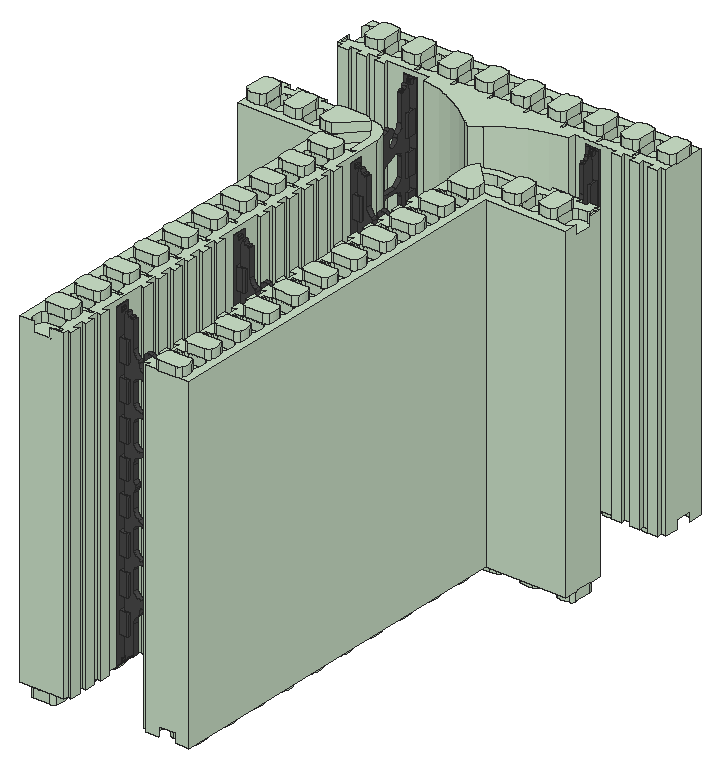
Revit family (continued)
Forms (mm)
  Extrusion 53, void
    sketch origin (533.87, 0.92, 0) x (0, -1, 0) y (1, 0, 0)
      loop
        arc (-92.457, -653.946) -> (-93.668, -653.385) -> (-94.024, -652.1) r 1.588
        arc (-94.024, -652.1) -> (-93.737, -645.691) -> (-94.972, -639.396) r 26.988
        arc (-94.972, -639.396) -> (-97.278, -636.215) -> (-101.014, -635) r 6.35
        line (-101.014, -635) -> (-124.411, -635)
        arc (-124.411, -635) -> (-128.147, -636.215) -> (-130.453, -639.396) r 6.35
    from 457.2 to 444.5
  Extrusion 54, void
    sketch origin (584.67, 0.92, 0) x (0, -1, 0) y (1, 0, 0)
      loop
        arc (-130.453, -639.396) -> (-131.763, -647.7) -> (-130.453, -656.003) r 26.987
        arc (-130.453, -656.003) -> (-128.147, -659.184) -> (-124.411, -660.4) r 6.35
        line (-124.411, -660.4) -> (-101.014, -660.4)
        arc (-101.014, -660.4) -> (-98.696, -659.961) -> (-96.698, -658.708) r 6.35
        arc (-96.698, -658.708) -> (-96.199, -658.394) -> (-95.62, -658.285) r 1.588
        line (-95.62, -658.285) -> (-86.829, -658.285) -> (-86.829, -653.946) -> (-92.457, -653.946)
        arc (-92.457, -653.946) -> (-93.668, -653.385) -> (-94.024, -652.1) r 1.588
        arc (-94.024, -652.1) -> (-93.737, -645.691) -> (-94.972, -639.396) r 26.988
        arc (-94.972, -639.396) -> (-97.278, -636.215) -> (-101.014, -635) r 6.35
        line (-101.014, -635) -> (-124.411, -635)
        arc (-124.411, -635) -> (-128.147, -636.215) -> (-130.453, -639.396) r 6.35
    from 457.2 to 444.5
  Extrusion 55, void
    sketch origin (635.47, 0.92, 0) x (0, -1, 0) y (1, 0, 0)
      loop
        arc (-130.453, -639.396) -> (-131.763, -647.7) -> (-130.453, -656.003) r 26.987
        arc (-130.453, -656.003) -> (-128.147, -659.184) -> (-124.411, -660.4) r 6.35
        line (-124.411, -660.4) -> (-101.014, -660.4)
        arc (-101.014, -660.4) -> (-98.696, -659.961) -> (-96.698, -658.708) r 6.35
        arc (-96.698, -658.708) -> (-96.199, -658.394) -> (-95.62, -658.285) r 1.588
        line (-95.62, -658.285) -> (-86.829, -658.285) -> (-86.829, -653.946) -> (-92.457, -653.946)
        arc (-92.457, -653.946) -> (-93.668, -653.385) -> (-94.024, -652.1) r 1.588
        arc (-94.024, -652.1) -> (-93.737, -645.691) -> (-94.972, -639.396) r 26.988
        arc (-94.972, -639.396) -> (-97.278, -636.215) -> (-101.014, -635) r 6.35
        line (-101.014, -635) -> (-124.411, -635)
        arc (-124.411, -635) -> (-128.147, -636.215) -> (-130.453, -639.396) r 6.35
    from 457.2 to 444.5
  Extrusion 56, void
    sketch origin (686.27, 0.92, 0) x (0, -1, 0) y (1, 0, 0)
      loop
        arc (-130.453, -639.396) -> (-131.763, -647.7) -> (-130.453, -656.003) r 26.987
        arc (-130.453, -656.003) -> (-128.147, -659.184) -> (-124.411, -660.4) r 6.35
        line (-124.411, -660.4) -> (-101.014, -660.4)
        arc (-101.014, -660.4) -> (-98.696, -659.961) -> (-96.698, -658.708) r 6.35
        arc (-96.698, -658.708) -> (-96.199, -658.394) -> (-95.62, -658.285) r 1.588
        line (-95.62, -658.285) -> (-86.829, -658.285) -> (-86.829, -653.946) -> (-92.457, -653.946)
        arc (-92.457, -653.946) -> (-93.668, -653.385) -> (-94.024, -652.1) r 1.588
        arc (-94.024, -652.1) -> (-93.737, -645.691) -> (-94.972, -639.396) r 26.988
        arc (-94.972, -639.396) -> (-97.278, -636.215) -> (-101.014, -635) r 6.35
        line (-101.014, -635) -> (-124.411, -635)
        arc (-124.411, -635) -> (-128.147, -636.215) -> (-130.453, -639.396) r 6.35
    from 457.2 to 444.5
  Extrusion 57, void
    sketch origin (737.07, 0.92, 0) x (0, -1, 0) y (1, 0, 0)
      loop
        arc (-130.453, -639.396) -> (-131.763, -647.7) -> (-130.453, -656.003) r 26.987
        arc (-130.453, -656.003) -> (-128.147, -659.184) -> (-124.411, -660.4) r 6.35
        line (-124.411, -660.4) -> (-101.014, -660.4)
        arc (-101.014, -660.4) -> (-98.696, -659.961) -> (-96.698, -658.708) r 6.35
        arc (-96.698, -658.708) -> (-96.199, -658.394) -> (-95.62, -658.285) r 1.588
        line (-95.62, -658.285) -> (-86.829, -658.285) -> (-86.829, -653.946) -> (-92.457, -653.946)
        arc (-92.457, -653.946) -> (-93.668, -653.385) -> (-94.024, -652.1) r 1.588
        arc (-94.024, -652.1) -> (-93.737, -645.691) -> (-94.972, -639.396) r 26.988
        arc (-94.972, -639.396) -> (-97.278, -636.215) -> (-101.014, -635) r 6.35
        line (-101.014, -635) -> (-124.411, -635)
        arc (-124.411, -635) -> (-128.147, -636.215) -> (-130.453, -639.396) r 6.35
    from 457.2 to 444.5
  Extrusion 58, void
    sketch origin (787.87, 0.92, 0) x (0, -1, 0) y (1, 0, 0)
      loop
        arc (-130.453, -639.396) -> (-131.763, -647.7) -> (-130.453, -656.003) r 26.987
        arc (-130.453, -656.003) -> (-128.147, -659.184) -> (-124.411, -660.4) r 6.35
        line (-124.411, -660.4) -> (-101.014, -660.4)
        arc (-101.014, -660.4) -> (-98.696, -659.961) -> (-96.698, -658.708) r 6.35
        arc (-96.698, -658.708) -> (-96.199, -658.394) -> (-95.62, -658.285) r 1.588
        line (-95.62, -658.285) -> (-86.829, -658.285) -> (-86.829, -653.946) -> (-92.457, -653.946)
        arc (-92.457, -653.946) -> (-93.668, -653.385) -> (-94.024, -652.1) r 1.588
        arc (-94.024, -652.1) -> (-93.737, -645.691) -> (-94.972, -639.396) r 26.988
        arc (-94.972, -639.396) -> (-97.278, -636.215) -> (-101.014, -635) r 6.35
        line (-101.014, -635) -> (-124.411, -635)
        arc (-124.411, -635) -> (-128.147, -636.215) -> (-130.453, -639.396) r 6.35
    from 457.2 to 444.5
  Extrusion 59, void
    sketch origin (838.67, 0.92, 0) x (0, -1, 0) y (1, 0, 0)
      loop
        arc (-130.453, -639.396) -> (-131.763, -647.7) -> (-130.453, -656.003) r 26.987
        arc (-130.453, -656.003) -> (-128.147, -659.184) -> (-124.411, -660.4) r 6.35
        line (-124.411, -660.4) -> (-101.014, -660.4)
        arc (-101.014, -660.4) -> (-98.696, -659.961) -> (-96.698, -658.708) r 6.35
        arc (-96.698, -658.708) -> (-96.199, -658.394) -> (-95.62, -658.285) r 1.588
        line (-95.62, -658.285) -> (-86.829, -658.285) -> (-86.829, -653.946) -> (-92.457, -653.946)
        arc (-92.457, -653.946) -> (-93.668, -653.385) -> (-94.024, -652.1) r 1.588
        arc (-94.024, -652.1) -> (-93.737, -645.691) -> (-94.972, -639.396) r 26.988
        arc (-94.972, -639.396) -> (-97.278, -636.215) -> (-101.014, -635) r 6.35
        line (-101.014, -635) -> (-124.411, -635)
        arc (-124.411, -635) -> (-128.147, -636.215) -> (-130.453, -639.396) r 6.35
    from 457.2 to 444.5
  Extrusion 60, void
    sketch origin (-837.729, 0.92, 0) x (0, -1, 0) y (1, 0, 0)
      loop
        arc (-130.453, 639.396) -> (-128.147, 636.215) -> (-124.411, 635) r 6.35
        line (-124.411, 635) -> (-101.014, 635)
        arc (-101.014, 635) -> (-97.278, 636.215) -> (-94.972, 639.396) r 6.35
        arc (-94.972, 639.396) -> (-93.737, 645.691) -> (-94.024, 652.1) r 26.988
        arc (-94.024, 652.1) -> (-93.668, 653.385) -> (-92.457, 653.946) r 1.588
        line (-92.457, 653.946) -> (-86.829, 653.946) -> (-86.829, 658.285) -> (-95.62, 658.285)
        arc (-95.62, 658.285) -> (-96.199, 658.394) -> (-96.698, 658.708) r 1.588
        arc (-96.698, 658.708) -> (-98.696, 659.961) -> (-101.014, 660.4) r 6.35
        line (-101.014, 660.4) -> (-124.411, 660.4)
        arc (-124.411, 660.4) -> (-128.147, 659.184) -> (-130.453, 656.003) r 6.35
        arc (-130.453, 656.003) -> (-131.763, 647.7) -> (-130.453, 639.396) r 26.987
    from 0 to 12.7
  Extrusion 61, void
    sketch origin (-786.929, 0.92, 0) x (0, -1, 0) y (1, 0, 0)
      loop
        arc (-130.453, 639.396) -> (-128.147, 636.215) -> (-124.411, 635) r 6.35
        line (-124.411, 635) -> (-101.014, 635)
        arc (-101.014, 635) -> (-97.278, 636.215) -> (-94.972, 639.396) r 6.35
        arc (-94.972, 639.396) -> (-93.737, 645.691) -> (-94.024, 652.1) r 26.988
        arc (-94.024, 652.1) -> (-93.668, 653.385) -> (-92.457, 653.946) r 1.588
        line (-92.457, 653.946) -> (-86.829, 653.946) -> (-86.829, 658.285) -> (-95.62, 658.285)
        arc (-95.62, 658.285) -> (-96.199, 658.394) -> (-96.698, 658.708) r 1.588
        arc (-96.698, 658.708) -> (-98.696, 659.961) -> (-101.014, 660.4) r 6.35
        line (-101.014, 660.4) -> (-124.411, 660.4)
        arc (-124.411, 660.4) -> (-128.147, 659.184) -> (-130.453, 656.003) r 6.35
        arc (-130.453, 656.003) -> (-131.763, 647.7) -> (-130.453, 639.396) r 26.987
    from 0 to 12.7
  Extrusion 62, void
    sketch origin (-736.129, 0.92, 0) x (0, -1, 0) y (1, 0, 0)
      loop
        arc (-130.453, 639.396) -> (-128.147, 636.215) -> (-124.411, 635) r 6.35
        line (-124.411, 635) -> (-101.014, 635)
        arc (-101.014, 635) -> (-97.278, 636.215) -> (-94.972, 639.396) r 6.35
        arc (-94.972, 639.396) -> (-93.737, 645.691) -> (-94.024, 652.1) r 26.988
        arc (-94.024, 652.1) -> (-93.668, 653.385) -> (-92.457, 653.946) r 1.588
        line (-92.457, 653.946) -> (-86.829, 653.946) -> (-86.829, 658.285) -> (-95.62, 658.285)
        arc (-95.62, 658.285) -> (-96.199, 658.394) -> (-96.698, 658.708) r 1.588
        arc (-96.698, 658.708) -> (-98.696, 659.961) -> (-101.014, 660.4) r 6.35
        line (-101.014, 660.4) -> (-124.411, 660.4)
        arc (-124.411, 660.4) -> (-128.147, 659.184) -> (-130.453, 656.003) r 6.35
        arc (-130.453, 656.003) -> (-131.763, 647.7) -> (-130.453, 639.396) r 26.987
    from 0 to 12.7
  Extrusion 63, void
    sketch origin (-685.329, 0.92, 0) x (0, -1, 0) y (1, 0, 0)
      loop
        arc (-130.453, 639.396) -> (-128.147, 636.215) -> (-124.411, 635) r 6.35
        line (-124.411, 635) -> (-101.014, 635)
        arc (-101.014, 635) -> (-97.278, 636.215) -> (-94.972, 639.396) r 6.35
        arc (-94.972, 639.396) -> (-93.737, 645.691) -> (-94.024, 652.1) r 26.988
        arc (-94.024, 652.1) -> (-93.668, 653.385) -> (-92.457, 653.946) r 1.588
        line (-92.457, 653.946) -> (-86.829, 653.946) -> (-86.829, 658.285) -> (-95.62, 658.285)
        arc (-95.62, 658.285) -> (-96.199, 658.394) -> (-96.698, 658.708) r 1.588
        arc (-96.698, 658.708) -> (-98.696, 659.961) -> (-101.014, 660.4) r 6.35
        line (-101.014, 660.4) -> (-124.411, 660.4)
        arc (-124.411, 660.4) -> (-128.147, 659.184) -> (-130.453, 656.003) r 6.35
        arc (-130.453, 656.003) -> (-131.763, 647.7) -> (-130.453, 639.396) r 26.987
    from 0 to 12.7
  Extrusion 64, void
    sketch origin (-634.529, 0.92, 0) x (0, -1, 0) y (1, 0, 0)
      loop
        arc (-130.453, 639.396) -> (-128.147, 636.215) -> (-124.411, 635) r 6.35
        line (-124.411, 635) -> (-101.014, 635)
        arc (-101.014, 635) -> (-97.278, 636.215) -> (-94.972, 639.396) r 6.35
        arc (-94.972, 639.396) -> (-93.737, 645.691) -> (-94.024, 652.1) r 26.988
        arc (-94.024, 652.1) -> (-93.668, 653.385) -> (-92.457, 653.946) r 1.588
        line (-92.457, 653.946) -> (-86.829, 653.946) -> (-86.829, 658.285) -> (-95.62, 658.285)
        arc (-95.62, 658.285) -> (-96.199, 658.394) -> (-96.698, 658.708) r 1.588
        arc (-96.698, 658.708) -> (-98.696, 659.961) -> (-101.014, 660.4) r 6.35
        line (-101.014, 660.4) -> (-124.411, 660.4)
        arc (-124.411, 660.4) -> (-128.147, 659.184) -> (-130.453, 656.003) r 6.35
        arc (-130.453, 656.003) -> (-131.763, 647.7) -> (-130.453, 639.396) r 26.987
    from 0 to 12.7
  Extrusion 65, void
    sketch origin (-583.729, 0.92, 0) x (0, -1, 0) y (1, 0, 0)
      loop
        arc (-130.453, 639.396) -> (-128.147, 636.215) -> (-124.411, 635) r 6.35
        line (-124.411, 635) -> (-101.014, 635)
        arc (-101.014, 635) -> (-97.278, 636.215) -> (-94.972, 639.396) r 6.35
        arc (-94.972, 639.396) -> (-93.737, 645.691) -> (-94.024, 652.1) r 26.988
        arc (-94.024, 652.1) -> (-93.668, 653.385) -> (-92.457, 653.946) r 1.588
        line (-92.457, 653.946) -> (-86.829, 653.946) -> (-86.829, 658.285) -> (-95.62, 658.285)
        arc (-95.62, 658.285) -> (-96.199, 658.394) -> (-96.698, 658.708) r 1.588
        arc (-96.698, 658.708) -> (-98.696, 659.961) -> (-101.014, 660.4) r 6.35
        line (-101.014, 660.4) -> (-124.411, 660.4)
        arc (-124.411, 660.4) -> (-128.147, 659.184) -> (-130.453, 656.003) r 6.35
        arc (-130.453, 656.003) -> (-131.763, 647.7) -> (-130.453, 639.396) r 26.987
    from 0 to 12.7
  Extrusion 66, void
    sketch origin (-532.929, 0.92, 0) x (0, -1, 0) y (1, 0, 0)
      loop
        arc (-130.453, 639.396) -> (-128.147, 636.215) -> (-124.411, 635) r 6.35
        line (-124.411, 635) -> (-101.014, 635)
        arc (-101.014, 635) -> (-97.278, 636.215) -> (-94.972, 639.396) r 6.35
        arc (-94.972, 639.396) -> (-93.737, 645.691) -> (-94.024, 652.1) r 26.988
        arc (-94.024, 652.1) -> (-93.668, 653.385) -> (-92.457, 653.946) r 1.588
        line (-92.457, 653.946) -> (-86.829, 653.946) -> (-86.829, 658.285) -> (-95.62, 658.285)
        arc (-95.62, 658.285) -> (-96.199, 658.394) -> (-96.698, 658.708) r 1.588
        arc (-96.698, 658.708) -> (-98.696, 659.961) -> (-101.014, 660.4) r 6.35
        line (-101.014, 660.4) -> (-124.411, 660.4)
        arc (-124.411, 660.4) -> (-128.147, 659.184) -> (-130.453, 656.003) r 6.35
        arc (-130.453, 656.003) -> (-131.763, 647.7) -> (-130.453, 639.396) r 26.987
    from 0 to 12.7
  Extrusion 67, void
    sketch origin (-482.129, 0.92, 0) x (0, -1, 0) y (1, 0, 0)
      loop
        arc (-130.453, 639.396) -> (-128.147, 636.215) -> (-124.411, 635) r 6.35
        line (-124.411, 635) -> (-101.014, 635)
        arc (-101.014, 635) -> (-97.278, 636.215) -> (-94.972, 639.396) r 6.35
        arc (-94.972, 639.396) -> (-93.737, 645.691) -> (-94.024, 652.1) r 26.988
        arc (-94.024, 652.1) -> (-93.668, 653.385) -> (-92.457, 653.946) r 1.588
        line (-92.457, 653.946) -> (-86.829, 653.946) -> (-86.829, 658.285) -> (-95.62, 658.285)
        arc (-95.62, 658.285) -> (-96.199, 658.394) -> (-96.698, 658.708) r 1.588
        arc (-96.698, 658.708) -> (-98.696, 659.961) -> (-101.014, 660.4) r 6.35
        line (-101.014, 660.4) -> (-124.411, 660.4)
        arc (-124.411, 660.4) -> (-128.147, 659.184) -> (-130.453, 656.003) r 6.35
        arc (-130.453, 656.003) -> (-131.763, 647.7) -> (-130.453, 639.396) r 26.987
    from 0 to 12.7
  Extrusion 68, solid, material "NUDURA Expanded Polystyrene Foam Insulation"
    sketch origin (-24.93, 51.72, 0) x (1, 0, 0) y (0, 1, 0)
      loop
        arc (101.102, -101.102) -> (95.596, -109.342) -> (93.663, -119.062) r 25.4
        line (93.663, -119.062) -> (93.663, -139.7)
        arc (93.663, -139.7) -> (93.992, -143.903) -> (94.972, -148.003) r 26.987
        arc (94.972, -148.003) -> (97.278, -151.184) -> (101.014, -152.4) r 6.35
        line (101.014, -152.4) -> (124.411, -152.4)
        arc (124.411, -152.4) -> (128.147, -151.184) -> (130.453, -148.003) r 6.35
        arc (130.453, -148.003) -> (131.433, -143.903) -> (131.763, -139.7) r 26.988
        line (131.763, -139.7) -> (131.763, -131.762) -> (101.102, -101.102)
    from 457.2 to 469.9
  Extrusion 69, solid, material "NUDURA Expanded Polystyrene Foam Insulation"
    sketch origin (25.87, 51.72, 0) x (1, 0, 0) y (0, 1, 0)
      loop
        line (-119.063, -93.662) -> (-139.7, -93.662)
        arc (-139.7, -93.662) -> (-143.903, -93.991) -> (-148.004, -94.971) r 26.987
        arc (-148.004, -94.971) -> (-151.185, -97.277) -> (-152.4, -101.013) r 6.35
        line (-152.4, -101.013) -> (-152.4, -124.411)
        arc (-152.4, -124.411) -> (-151.185, -128.147) -> (-148.004, -130.453) r 6.35
        arc (-148.004, -130.453) -> (-143.903, -131.433) -> (-139.7, -131.762) r 26.987
        line (-139.7, -131.762) -> (-131.763, -131.762) -> (-101.102, -101.102)
        arc (-101.102, -101.102) -> (-109.342, -95.595) -> (-119.063, -93.662) r 25.4
    from 457.2 to 469.9
  Extrusion 70, solid, material "NUDURA Expanded Polystyrene Foam Insulation"
    sketch origin (25.87, 51.72, 0) x (1, 0, 0) y (0, 1, 0)
      loop
        line (-131.763, -131.762) -> (-131.763, -139.7)
        arc (-131.763, -139.7) -> (-131.433, -143.903) -> (-130.453, -148.003) r 26.987
        arc (-130.453, -148.003) -> (-128.147, -151.184) -> (-124.411, -152.4) r 6.35
        line (-124.411, -152.4) -> (-101.014, -152.4)
        arc (-101.014, -152.4) -> (-97.278, -151.184) -> (-94.972, -148.003) r 6.35
        arc (-94.972, -148.003) -> (-93.992, -143.903) -> (-93.663, -139.7) r 26.987
        line (-93.663, -139.7) -> (-93.663, -119.062)
        arc (-93.663, -119.062) -> (-95.596, -109.342) -> (-101.102, -101.102) r 25.4
        line (-101.102, -101.102) -> (-131.763, -131.762)
    from 0 to -12.7
  Extrusion 71, solid, material "NUDURA Expanded Polystyrene Foam Insulation"
    sketch origin (-24.93, 51.72, 0) x (1, 0, 0) y (0, 1, 0)
      loop
        arc (152.4, -101.013) -> (151.185, -97.277) -> (148.004, -94.971) r 6.35
        arc (148.004, -94.971) -> (143.903, -93.991) -> (139.7, -93.662) r 26.987
        line (139.7, -93.662) -> (119.063, -93.662)
        arc (119.063, -93.662) -> (109.342, -95.595) -> (101.102, -101.102) r 25.4
        line (101.102, -101.102) -> (131.763, -131.762) -> (139.7, -131.762)
        arc (139.7, -131.762) -> (143.903, -131.433) -> (148.004, -130.453) r 26.988
        arc (148.004, -130.453) -> (151.185, -128.147) -> (152.4, -124.411) r 6.35
        line (152.4, -124.411) -> (152.4, -101.013)
    from 0 to -12.7
  Extrusion 72, void
    sketch origin (-431.329, 51.721, 0) x (0, 1, 0) y (-1, 0, 0)
      loop
        arc (-130.453, -639.396) -> (-131.763, -647.7) -> (-130.453, -656.003) r 26.987
        arc (-130.453, -656.003) -> (-128.147, -659.184) -> (-124.411, -660.4) r 6.35
        line (-124.411, -660.4) -> (-101.014, -660.4)
        arc (-101.014, -660.4) -> (-98.696, -659.961) -> (-96.698, -658.708) r 6.35
        arc (-96.698, -658.708) -> (-96.199, -658.394) -> (-95.62, -658.285) r 1.588
        line (-95.62, -658.285) -> (-86.829, -658.285) -> (-86.829, -653.946) -> (-92.457, -653.946)
        arc (-92.457, -653.946) -> (-93.668, -653.385) -> (-94.024, -652.1) r 1.588
        arc (-94.024, -652.1) -> (-93.737, -645.691) -> (-94.972, -639.396) r 26.988
        arc (-94.972, -639.396) -> (-97.278, -636.215) -> (-101.014, -635) r 6.35
        line (-101.014, -635) -> (-124.411, -635)
        arc (-124.411, -635) -> (-128.147, -636.215) -> (-130.453, -639.396) r 6.35
    from 457.2 to 444.5
  Extrusion 73, void
    sketch origin (25.87, 51.72, 0) x (1, 0, 0) y (0, 1, 0)
      loop
        arc (-130.453, -639.396) -> (-131.763, -647.7) -> (-130.453, -656.004) r 26.987
        arc (-130.453, -656.004) -> (-128.147, -659.185) -> (-124.411, -660.4) r 6.35
        line (-124.411, -660.4) -> (-101.014, -660.4)
        arc (-101.014, -660.4) -> (-98.696, -659.962) -> (-96.698, -658.708) r 6.35
        arc (-96.698, -658.708) -> (-96.199, -658.395) -> (-95.62, -658.285) r 1.588
        line (-95.62, -658.285) -> (-86.829, -658.285) -> (-86.829, -653.946) -> (-92.457, -653.946)
        arc (-92.457, -653.946) -> (-93.668, -653.386) -> (-94.024, -652.1) r 1.588
        arc (-94.024, -652.1) -> (-93.737, -645.691) -> (-94.972, -639.396) r 26.988
        arc (-94.972, -639.396) -> (-97.278, -636.215) -> (-101.014, -635) r 6.35
        line (-101.014, -635) -> (-124.411, -635)
        arc (-124.411, -635) -> (-128.147, -636.215) -> (-130.453, -639.396) r 6.35
    from 457.2 to 444.5
  Extrusion 74, void
    sketch origin (-24.93, 51.72, 0) x (-1, 0, 0) y (0, -1, 0)
      loop
        arc (-130.453, 639.396) -> (-128.147, 636.215) -> (-124.411, 635) r 6.35
        line (-124.411, 635) -> (-101.014, 635)
        arc (-101.014, 635) -> (-97.278, 636.215) -> (-94.972, 639.396) r 6.35
        arc (-94.972, 639.396) -> (-93.737, 645.691) -> (-94.024, 652.1) r 26.988
        arc (-94.024, 652.1) -> (-93.668, 653.386) -> (-92.457, 653.946) r 1.588
        line (-92.457, 653.946) -> (-86.829, 653.946) -> (-86.829, 658.285) -> (-95.62, 658.285)
        arc (-95.62, 658.285) -> (-96.199, 658.395) -> (-96.698, 658.708) r 1.588
        arc (-96.698, 658.708) -> (-98.696, 659.962) -> (-101.014, 660.4) r 6.35
        line (-101.014, 660.4) -> (-124.411, 660.4)
        arc (-124.411, 660.4) -> (-128.147, 659.185) -> (-130.453, 656.004) r 6.35
        arc (-130.453, 656.004) -> (-131.763, 647.7) -> (-130.453, 639.396) r 26.987
    from 0 to 12.7
  Extrusion 75, void
    sketch origin (-442.129, 0.92, 0) x (0, -1, 0) y (1, 0, 0)
      loop
        arc (-130.453, 650.196) -> (-128.147, 647.015) -> (-124.411, 645.8) r 6.35
        line (-124.411, 645.8) -> (-101.014, 645.8)
        arc (-101.014, 645.8) -> (-97.278, 647.015) -> (-94.972, 650.196) r 6.35
        arc (-94.972, 650.196) -> (-93.737, 656.491) -> (-94.024, 662.9) r 26.988
        arc (-94.024, 662.9) -> (-93.668, 664.185) -> (-92.457, 664.746) r 1.588
        line (-92.457, 664.746) -> (-86.829, 664.746) -> (-86.829, 669.085) -> (-95.62, 669.085)
        arc (-95.62, 669.085) -> (-96.199, 669.194) -> (-96.698, 669.508) r 1.588
        arc (-96.698, 669.508) -> (-98.696, 670.762) -> (-101.014, 671.2) r 6.35
        line (-101.014, 671.2) -> (-124.411, 671.2)
        arc (-124.411, 671.2) -> (-128.147, 669.984) -> (-130.453, 666.803) r 6.35
        arc (-130.453, 666.803) -> (-131.763, 658.5) -> (-130.453, 650.196) r 26.987
    from 0 to 12.7
Cuts and joins
  Extrusion 2, Extrusion 3, Extrusion 4, Extrusion 5, Extrusion 6, Extrusion 7, Extrusion 8, Extrusion 9, Extrusion 10, Extrusion 11, Extrusion 12, Extrusion 13, Extrusion 14, Extrusion 15, Extrusion 16, Extrusion 17, Extrusion 18, Extrusion 19, Extrusion 20, Extrusion 21, Extrusion 22, Extrusion 23, Extrusion 24, Extrusion 25, Extrusion 26, Extrusion 27, Extrusion 28, Extrusion 29, Extrusion 30, Extrusion 31, Extrusion 32, Extrusion 33, Extrusion 34, Extrusion 35, Extrusion 36, Extrusion 37, Extrusion 38, Extrusion 39, Extrusion 40, Extrusion 41, Extrusion 42, Extrusion 43, Extrusion 44, Extrusion 45, Extrusion 46, Extrusion 47, Extrusion 48, Extrusion 49, Extrusion 50, Extrusion 51, Extrusion 52, Extrusion 53, Extrusion 54, Extrusion 55, Extrusion 56, Extrusion 57, Extrusion 58, Extrusion 59, Extrusion 60, Extrusion 61, Extrusion 62, Extrusion 63, Extrusion 64, Extrusion 65, Extrusion 66, Extrusion 67, Extrusion 72, Extrusion 73, Extrusion 74, Extrusion 75 cuts Extrusion 1
  Extrusion 11 cuts Extrusion 69
  Extrusion 23 cuts Extrusion 70
  Extrusion 36 cuts Extrusion 68
  Extrusion 48 cuts Extrusion 71
Lines and regions (mm)
  model lines
    curve 1: line (-24.93, 143.796, 457.2) -> (-24.93, 143.796, 0)
    curve 2: line (-117.005, -405.479, 0) -> (-117.005, -405.479, 457.2)
Dimensions and locks
  aligned and locked: level to plane 2
  aligned and locked: Extrusion 1 to level
  aligned and locked: nested 69 to nested 66
  aligned and locked: nested 70 to nested 69
Nested families
  nested 1: "Interlock Tooth" at (-24.93, -608.679, 0) x (0, 1, 0) z (0, 0, 1), type "Interlock Tooth"
  nested 2: "Interlock Tooth" at (-24.93, -557.879, 0) x (0, 1, 0) z (0, 0, 1), type "Interlock Tooth"
  nested 3: "Interlock Tooth" at (-24.93, -507.079, 0) x (0, 1, 0) z (0, 0, 1), type "Interlock Tooth"
  nested 4: "Interlock Tooth" at (-24.93, -456.279, 0) x (0, 1, 0) z (0, 0, 1), type "Interlock Tooth"
  nested 5: "Interlock Tooth" at (-24.93, -405.479, 0) x (0, 1, 0) z (0, 0, 1), type "Interlock Tooth"
  nested 6: "Interlock Tooth" at (-24.93, -354.679, 0) x (0, 1, 0) z (0, 0, 1), type "Interlock Tooth"
  nested 7: "Interlock Tooth" at (-24.93, -303.879, 0) x (0, 1, 0) z (0, 0, 1), type "Interlock Tooth"
  nested 8: "Interlock Tooth" at (-24.93, -253.079, 0) x (0, 1, 0) z (0, 0, 1), type "Interlock Tooth"
  nested 9: "Interlock Tooth" at (-24.93, -202.279, 0) x (0, 1, 0) z (0, 0, 1), type "Interlock Tooth"
  nested 10: "Interlock Tooth" at (-24.93, -151.479, 0) x (0, 1, 0) z (0, 0, 1), type "Interlock Tooth"
  nested 11: "Interlock Tooth" at (25.87, -583.279, 0) x (0, 1, 0) z (0, 0, 1), type "Interlock Tooth"
  nested 12: "Interlock Tooth" at (25.87, -532.479, 0) x (0, 1, 0) z (0, 0, 1), type "Interlock Tooth"
  nested 13: "Interlock Tooth" at (25.87, -481.679, 0) x (0, 1, 0) z (0, 0, 1), type "Interlock Tooth"
  nested 14: "Interlock Tooth" at (25.87, -430.879, 0) x (0, 1, 0) z (0, 0, 1), type "Interlock Tooth"
  nested 15: "Interlock Tooth" at (25.87, -380.079, 0) x (0, 1, 0) z (0, 0, 1), type "Interlock Tooth"
  nested 16: "Interlock Tooth" at (25.87, -329.279, 0) x (0, 1, 0) z (0, 0, 1), type "Interlock Tooth"
  nested 17: "Interlock Tooth" at (25.87, -278.479, 0) x (0, 1, 0) z (0, 0, 1), type "Interlock Tooth"
  nested 18: "Interlock Tooth" at (25.87, -227.679, 0) x (0, 1, 0) z (0, 0, 1), type "Interlock Tooth"
  nested 19: "Interlock Tooth" at (25.87, -176.879, 0) x (0, 1, 0) z (0, 0, 1), type "Interlock Tooth"
  nested 20: "Interlock Tooth" at (25.87, -126.079, 0) x (0, 1, 0) z (0, 0, 1), type "Interlock Tooth"
  nested 21: "Interlock Tooth" at (-228.13, 51.721, 0), type "Interlock Tooth"
  nested 22: "Interlock Tooth" at (-177.33, 51.721, 0), type "Interlock Tooth"
  nested 23: "Interlock Tooth" at (127.47, 51.721, 0), type "Interlock Tooth"
  nested 24: "Interlock Tooth" at (178.27, 51.721, 0), type "Interlock Tooth"
  nested 25: "Interlock Tooth" at (-202.73, 51.721, -469.9), type "Interlock Tooth"
  nested 26: "Interlock Tooth" at (-151.93, 51.721, -469.9), type "Interlock Tooth"
  nested 27: "Interlock Tooth" at (203.67, 51.721, -469.9), type "Interlock Tooth"
  nested 28: "Interlock Tooth" at (152.87, 51.721, -469.9), type "Interlock Tooth"
  nested 29: "Interlock Tooth" at (25.87, -583.279, -469.9) x (0, -1, 0) z (0, 0, 1), type "Interlock Tooth"
  nested 30: "Interlock Tooth" at (25.87, -532.479, -469.9) x (0, -1, 0) z (0, 0, 1), type "Interlock Tooth"
  nested 31: "Interlock Tooth" at (25.87, -481.679, -469.9) x (0, -1, 0) z (0, 0, 1), type "Interlock Tooth"
  nested 32: "Interlock Tooth" at (25.87, -430.879, -469.9) x (0, -1, 0) z (0, 0, 1), type "Interlock Tooth"
  nested 33: "Interlock Tooth" at (25.87, -380.079, -469.9) x (0, -1, 0) z (0, 0, 1), type "Interlock Tooth"
  nested 34: "Interlock Tooth" at (25.87, -329.279, -469.9) x (0, -1, 0) z (0, 0, 1), type "Interlock Tooth"
  nested 35: "Interlock Tooth" at (25.87, -278.479, -469.9) x (0, -1, 0) z (0, 0, 1), type "Interlock Tooth"
  nested 36: "Interlock Tooth" at (25.87, -227.679, -469.9) x (0, -1, 0) z (0, 0, 1), type "Interlock Tooth"
  nested 37: "Interlock Tooth" at (25.87, -176.879, -469.9) x (0, -1, 0) z (0, 0, 1), type "Interlock Tooth"
  nested 38: "Interlock Tooth" at (25.87, -126.079, -469.9) x (0, -1, 0) z (0, 0, 1), type "Interlock Tooth"
  nested 39: "Interlock Tooth" at (-24.93, -583.279, -469.9) x (0, 1, 0) z (0, 0, 1), type "Interlock Tooth"
  nested 40: "Interlock Tooth" at (-24.93, -532.479, -469.9) x (0, 1, 0) z (0, 0, 1), type "Interlock Tooth"
  nested 41: "Interlock Tooth" at (-24.93, -481.679, -469.9) x (0, 1, 0) z (0, 0, 1), type "Interlock Tooth"
  nested 42: "Interlock Tooth" at (-24.93, -430.879, -469.9) x (0, 1, 0) z (0, 0, 1), type "Interlock Tooth"
  nested 43: "Interlock Tooth" at (-24.93, -380.079, -469.9) x (0, 1, 0) z (0, 0, 1), type "Interlock Tooth"
  nested 44: "Interlock Tooth" at (-24.93, -329.279, -469.9) x (0, 1, 0) z (0, 0, 1), type "Interlock Tooth"
  nested 45: "Interlock Tooth" at (-24.93, -278.479, -469.9) x (0, 1, 0) z (0, 0, 1), type "Interlock Tooth"
  nested 46: "Interlock Tooth" at (-24.93, -227.679, -469.9) x (0, 1, 0) z (0, 0, 1), type "Interlock Tooth"
  nested 47: "Interlock Tooth" at (-24.93, -176.879, -469.9) x (0, 1, 0) z (0, 0, 1), type "Interlock Tooth"
  nested 48: "Interlock Tooth" at (-24.93, -126.079, -469.9) x (0, 1, 0) z (0, 0, 1), type "Interlock Tooth"
  nested 49: "Interlock Tooth" at (-177.33, 0.92, 0) x (-1, 0, 0) z (0, 0, 1), type "Interlock Tooth"
  nested 50: "Interlock Tooth" at (-202.73, 0.92, -469.9) x (-1, 0, 0) z (0, 0, 1), type "Interlock Tooth"
  nested 51: "Interlock Tooth" at (-126.53, 0.92, 0) x (-1, 0, 0) z (0, 0, 1), type "Interlock Tooth"
  nested 52: "Interlock Tooth" at (-151.93, 0.92, -469.9) x (-1, 0, 0) z (0, 0, 1), type "Interlock Tooth"
  nested 53: "Interlock Tooth" at (-75.73, 0.92, 0) x (-1, 0, 0) z (0, 0, 1), type "Interlock Tooth"
  nested 54: "Interlock Tooth" at (-101.13, 0.92, -469.9) x (-1, 0, 0) z (0, 0, 1), type "Interlock Tooth"
  nested 55: "Interlock Tooth" at (-24.93, 0.92, 0) x (-1, 0, 0) z (0, 0, 1), type "Interlock Tooth"
  nested 56: "Interlock Tooth" at (-50.33, 0.92, -469.9) x (-1, 0, 0) z (0, 0, 1), type "Interlock Tooth"
  nested 57: "Interlock Tooth" at (25.87, 0.92, 0) x (-1, 0, 0) z (0, 0, 1), type "Interlock Tooth"
  nested 58: "Interlock Tooth" at (0.47, 0.92, -469.9) x (-1, 0, 0) z (0, 0, 1), type "Interlock Tooth"
  nested 59: "Interlock Tooth" at (76.67, 0.92, 0) x (-1, 0, 0) z (0, 0, 1), type "Interlock Tooth"
  nested 60: "Interlock Tooth" at (51.27, 0.92, -469.9) x (-1, 0, 0) z (0, 0, 1), type "Interlock Tooth"
  nested 61: "Interlock Tooth" at (127.47, 0.92, 0) x (-1, 0, 0) z (0, 0, 1), type "Interlock Tooth"
  nested 62: "Interlock Tooth" at (102.07, 0.92, -469.9) x (-1, 0, 0) z (0, 0, 1), type "Interlock Tooth"
  nested 63: "Interlock Tooth" at (178.27, 0.92, 0) x (-1, 0, 0) z (0, 0, 1), type "Interlock Tooth"
  nested 64: "Interlock Tooth" at (152.87, 0.92, -469.9) x (-1, 0, 0) z (0, 0, 1), type "Interlock Tooth"
  nested 65: "Interlock Tooth" at (203.67, 0.92, -469.9) x (-1, 0, 0) z (0, 0, 1), type "Interlock Tooth"
  nested 66: "NUDURA Diamond Pattern" at (-259.88, -405.479, 0) x (0, 1, 0) z (0, 0, 1), type "NUDURA Diamond Pattern"
  nested 67: "NUDURA Diamond Pattern" at (260.82, -405.479, 0) x (0, 1, 0) z (0, 0, 1), type "NUDURA Diamond Pattern"
  nested 68: "NUDURA Logo Diamond" at (117.945, -811.814, 0) x (0, 1, 0) z (0, 0, 1), type "NUDURA Logo Diamond"
  nested 69: "NUDURA Logo Diamond" at (-117.005, -202.344, 0) x (0, -1, 0) z (0, 0, 1), type "NUDURA Logo Diamond"
  nested 70: "NUDURA Diamond Pattern Missing Two Lines" at (-259.88, -202.279, 0) x (0, 1, 0) z (0, 0, 1), type "NUDURA Diamond Pattern minus Two lines"
  nested 71: "NUDURA Diamond Pattern Missing Two Lines" at (-228.13, 51.72, 0), type "NUDURA Diamond Pattern minus Two lines"
  nested 72: "NUDURA Diamond Pattern Missing Two Lines" at (-24.93, -202.279, 0) x (0, 1, 0) z (0, 0, 1), type "NUDURA Diamond Pattern minus Two lines"
  nested 73: "NUDURA Diamond Pattern Missing Two Lines" at (229.07, -234.029, 0) x (-1, 0, 0) z (0, 0, 1), type "NUDURA Diamond Pattern minus Two lines"
  nested 74: "NUDURA Logo Diamond" at (432.205, 143.795, 0) x (-1, 0, 0) z (0, 0, 1), type "NUDURA Logo Diamond"
  nested 75: "NUDURA Logo Diamond" at (178.205, 143.795, 0) x (-1, 0, 0) z (0, 0, 1), type "NUDURA Logo Diamond"
  nested 76: "4-inch Insert Web" at (-126.53, 26.32, 0), type "4-inch Insert Web"
  nested 77: "4-inch Insert Web" at (127.47, 26.32, 0), type "4-inch Insert Web"
  nested 78: "4-inch Insert Web" at (0.47, -507.079, 0) x (0, 1, 0) z (0, 0, 1), type "4-inch Insert Web"
  nested 79: "4-inch Insert Web" at (0.47, -303.879, 0) x (0, 1, 0) z (0, 0, 1), type "4-inch Insert Web"
  nested 80: "4-inch Insert Web" at (0.47, -100.679, 0) x (0, 1, 0) z (0, 0, 1), type "4-inch Insert Web"
  nested 81: "Interlock Tooth" at (229.07, 0.92, 0) x (-1, 0, 0) z (0, 0, 1), type "Interlock Tooth"
Definition of nested family "Interlock Tooth"
  Reference planes
    plane 1 "Center (Front/Back)": y = 0
    plane 2: z = 0
    plane 3 "Center (Left/Right)": x = 0
    plane 4: z = 457.2
    plane 5: z = 469.9
    plane 6: z = -12.7
  Forms (mm)
    Extrusion 1, solid, material "NUDURA Expanded Polystyrene Foam Insulation"
      sketch origin (0, -225.425, 0) x (1, 0, 0) y (0, 1, 0)
        loop
          arc (0, 101.014) -> (1.215, 97.278) -> (4.396, 94.972) r 6.35
          arc (4.396, 94.972) -> (12.7, 93.663) -> (21.004, 94.972) r 26.988
          arc (21.004, 94.972) -> (24.185, 97.278) -> (25.4, 101.014) r 6.35
          line (25.4, 101.014) -> (25.4, 124.411)
          arc (25.4, 124.411) -> (24.185, 128.147) -> (21.004, 130.453) r 6.35
          arc (21.004, 130.453) -> (12.7, 131.763) -> (4.396, 130.453) r 26.987
          arc (4.396, 130.453) -> (1.215, 128.147) -> (0, 124.411) r 6.35
          line (0, 124.411) -> (0, 101.014)
      from 457.2 to 469.9
  Dimensions and locks
    locked: plane 4 to level at 457.2
    locked: plane 4 to plane 5 at 12.7
    locked: plane 6 to level at 12.7
Definition of nested family "4-inch Insert Web"
  Reference planes
    plane 1 "Center (Front/Back)": y = 0
    plane 2: z = 0
    plane 3 "Center (Left/Right)": x = 0
  Forms (mm)
    Extrusion 1, solid, material "High Density Polystyrene"
      sketch origin (0, 0, 0) x (0, 1, 0) y (0, 0, 1)
        loop
          line (57.15, 0) -> (57.15, 450.744)
          arc (57.15, 450.744) -> (56.417, 450.243) -> (56.134, 449.4) r 1.397
          line (56.134, 449.4) -> (56.134, 1.344)
          arc (56.134, 1.344) -> (56.417, 0.502) -> (57.15, 0) r 1.397
        loop
          arc (-57.15, 0) -> (-56.417, 0.502) -> (-56.134, 1.344) r 1.397
          line (-56.134, 1.344) -> (-56.134, 449.4)
          arc (-56.134, 449.4) -> (-56.417, 450.243) -> (-57.15, 450.744) r 1.397
          line (-57.15, 450.744) -> (-57.15, 0)
      from 9.227 to -9.227
    Extrusion 2, solid, material "High Density Polystyrene"
      sketch origin (0, 0, 0) x (0, 1, 0) y (0, 0, 1)
        loop
          arc (55.598, 442.16) -> (55.975, 442.021) -> (56.134, 441.652) r 0.508
          line (56.134, 441.652) -> (56.134, 447.972)
          arc (56.134, 447.972) -> (56.029, 447.585) -> (55.742, 447.306) r 0.762
          line (55.742, 447.306) -> (53.986, 446.33)
          arc (53.986, 446.33) -> (53.699, 446.05) -> (53.594, 445.664) r 0.762
          line (53.594, 445.664) -> (53.594, 442.585)
          arc (53.594, 442.585) -> (53.753, 442.216) -> (54.13, 442.078) r 0.508
          line (54.13, 442.078) -> (55.598, 442.16)
        loop
          line (-53.986, 446.33) -> (-55.742, 447.306)
          arc (-55.742, 447.306) -> (-56.029, 447.585) -> (-56.134, 447.972) r 0.762
          line (-56.134, 447.972) -> (-56.134, 441.652)
          arc (-56.134, 441.652) -> (-55.975, 442.021) -> (-55.598, 442.16) r 0.508
          line (-55.598, 442.16) -> (-54.13, 442.078)
          arc (-54.13, 442.078) -> (-53.753, 442.216) -> (-53.594, 442.585) r 0.508
          line (-53.594, 442.585) -> (-53.594, 445.664)
          arc (-53.594, 445.664) -> (-53.699, 446.05) -> (-53.986, 446.33) r 0.762
        loop
          line (55.598, 8.585) -> (54.13, 8.666)
          arc (54.13, 8.666) -> (53.753, 8.528) -> (53.594, 8.159) r 0.508
          line (53.594, 8.159) -> (53.594, 5.08)
          arc (53.594, 5.08) -> (53.699, 4.694) -> (53.986, 4.414) r 0.762
          line (53.986, 4.414) -> (55.742, 3.439)
          arc (55.742, 3.439) -> (56.029, 3.159) -> (56.134, 2.772) r 0.762
          line (56.134, 2.772) -> (56.134, 9.092)
          arc (56.134, 9.092) -> (55.975, 8.723) -> (55.598, 8.585) r 0.508
        loop
          arc (-53.986, 4.414) -> (-53.699, 4.694) -> (-53.594, 5.08) r 0.762
          line (-53.594, 5.08) -> (-53.594, 8.159)
          arc (-53.594, 8.159) -> (-53.753, 8.528) -> (-54.13, 8.666) r 0.508
          line (-54.13, 8.666) -> (-55.598, 8.585)
          arc (-55.598, 8.585) -> (-55.975, 8.723) -> (-56.134, 9.092) r 0.508
          line (-56.134, 9.092) -> (-56.134, 2.772)
          arc (-56.134, 2.772) -> (-56.029, 3.159) -> (-55.742, 3.439) r 0.762
          line (-55.742, 3.439) -> (-53.986, 4.414)
        loop
          line (50.8, 437.076) -> (48.895, 442.918)
          arc (48.895, 442.918) -> (47.625, 443.68) -> (46.355, 442.918) r 1.439
          line (46.355, 442.918) -> (45.113, 439.108) -> (41.883, 439.108)
          arc (41.883, 439.108) -> (41.004, 438.744) -> (40.64, 437.865) r 1.243
          line (40.64, 437.865) -> (40.64, 437.076) -> (38.1, 437.076) -> (38.1, 400.201)
          arc (38.1, 400.201) -> (36.344, 393.421) -> (31.518, 388.345) r 13.97
          arc (31.518, 388.345) -> (30.285, 386.915) -> (30.081, 385.039) r 3.175
          arc (30.081, 385.039) -> (18.776, 376.743) -> (19.602, 390.741) r 7.747
          arc (19.602, 390.741) -> (22.454, 398.563) -> (14.366, 400.538) r 5.588
          arc (14.366, 400.538) -> (7.52, 397.224) -> (0, 396.085) r 25.4
          arc (0, 396.085) -> (-7.52, 397.224) -> (-14.366, 400.538) r 25.4
          arc (-14.366, 400.538) -> (-22.454, 398.563) -> (-19.602, 390.741) r 5.588
          arc (-19.602, 390.741) -> (-18.776, 376.743) -> (-30.081, 385.039) r 7.747
          arc (-30.081, 385.039) -> (-30.285, 386.915) -> (-31.518, 388.345) r 3.175
          arc (-31.518, 388.345) -> (-36.344, 393.421) -> (-38.1, 400.201) r 13.97
          line (-38.1, 400.201) -> (-38.1, 437.076) -> (-40.64, 437.076) -> (-40.64, 437.865)
          arc (-40.64, 437.865) -> (-41.004, 438.744) -> (-41.883, 439.108) r 1.243
          line (-41.883, 439.108) -> (-45.113, 439.108) -> (-46.355, 442.918)
          arc (-46.355, 442.918) -> (-47.625, 443.68) -> (-48.895, 442.918) r 1.439
          line (-48.895, 442.918) -> (-50.8, 437.076) -> (-50.8, 16.896) -> (-48.895, 11.054)
          arc (-48.895, 11.054) -> (-47.625, 10.292) -> (-46.355, 11.054) r 1.439
          line (-46.355, 11.054) -> (-45.113, 14.864) -> (-41.883, 14.864)
          arc (-41.883, 14.864) -> (-41.004, 15.228) -> (-40.64, 16.107) r 1.243
          line (-40.64, 16.107) -> (-40.64, 16.896) -> (-38.1, 16.896) -> (-38.1, 56.999)
          arc (-38.1, 56.999) -> (-36.344, 63.779) -> (-31.518, 68.855) r 13.97
          arc (-31.518, 68.855) -> (-30.285, 70.285) -> (-30.081, 72.161) r 3.175
          arc (-30.081, 72.161) -> (-18.776, 80.457) -> (-19.602, 66.459) r 7.747
          arc (-19.602, 66.459) -> (-22.454, 58.637) -> (-14.366, 56.662) r 5.588
          arc (-14.366, 56.662) -> (-7.52, 59.976) -> (0, 61.115) r 25.4
          arc (0, 61.115) -> (7.52, 59.976) -> (14.366, 56.662) r 25.4
          arc (14.366, 56.662) -> (22.454, 58.637) -> (19.602, 66.459) r 5.588
          arc (19.602, 66.459) -> (18.776, 80.457) -> (30.081, 72.161) r 7.747
          arc (30.081, 72.161) -> (30.285, 70.285) -> (31.518, 68.855) r 3.175
          arc (31.518, 68.855) -> (36.344, 63.779) -> (38.1, 56.999) r 13.97
          line (38.1, 56.999) -> (38.1, 16.896) -> (40.64, 16.896) -> (40.64, 16.107)
          arc (40.64, 16.107) -> (41.004, 15.228) -> (41.883, 14.864) r 1.243
          line (41.883, 14.864) -> (45.113, 14.864) -> (46.355, 11.054)
          arc (46.355, 11.054) -> (47.625, 10.292) -> (48.895, 11.054) r 1.439
          line (48.895, 11.054) -> (50.8, 16.896) -> (50.8, 437.076)
        loop
          line (28.016, 366.947) -> (8.37, 357.753)
          arc (8.37, 357.753) -> (4.342, 351.679) -> (1.524, 344.958) r 38.683
          line (1.524, 344.958) -> (1.524, 330.717)
          arc (1.524, 330.717) -> (4.39, 325.677) -> (9.462, 322.866) r 10.723
          line (9.462, 322.866) -> (28.575, 322.866)
          arc (28.575, 322.866) -> (34.302, 326.664) -> (38.1, 332.391) r 17.304
          line (38.1, 332.391) -> (38.1, 358.508)
          arc (38.1, 358.508) -> (34.431, 364.369) -> (28.016, 366.947) r 11.169
        loop
          arc (-28.016, 366.947) -> (-34.431, 364.369) -> (-38.1, 358.508) r 11.169
          line (-38.1, 358.508) -> (-38.1, 332.391)
          arc (-38.1, 332.391) -> (-34.302, 326.664) -> (-28.575, 322.866) r 17.304
          line (-28.575, 322.866) -> (-9.462, 322.866)
          arc (-9.462, 322.866) -> (-4.39, 325.677) -> (-1.524, 330.717) r 10.723
          line (-1.524, 330.717) -> (-1.524, 344.958)
          arc (-1.524, 344.958) -> (-4.342, 351.679) -> (-8.37, 357.753) r 38.683
          line (-8.37, 357.753) -> (-28.016, 366.947)
        loop
          arc (28.016, 274.213) -> (34.431, 276.792) -> (38.1, 282.652) r 11.169
          line (38.1, 282.652) -> (38.1, 308.769)
          arc (38.1, 308.769) -> (34.302, 314.497) -> (28.575, 318.294) r 17.304
          line (28.575, 318.294) -> (9.462, 318.294)
          arc (9.462, 318.294) -> (4.39, 315.483) -> (1.524, 310.443) r 10.723
          line (1.524, 310.443) -> (1.524, 296.202)
          arc (1.524, 296.202) -> (4.342, 289.481) -> (8.37, 283.408) r 38.683
          line (8.37, 283.408) -> (28.016, 274.213)
        loop
          line (-28.016, 274.213) -> (-8.37, 283.408)
          arc (-8.37, 283.408) -> (-4.342, 289.481) -> (-1.524, 296.202) r 38.683
          line (-1.524, 296.202) -> (-1.524, 310.443)
          arc (-1.524, 310.443) -> (-4.39, 315.483) -> (-9.462, 318.294) r 10.723
          line (-9.462, 318.294) -> (-28.575, 318.294)
          arc (-28.575, 318.294) -> (-34.302, 314.497) -> (-38.1, 308.769) r 17.304
          line (-38.1, 308.769) -> (-38.1, 282.652)
          arc (-38.1, 282.652) -> (-34.431, 276.792) -> (-28.016, 274.213) r 11.169
        loop
          arc (10.766, 277.238) -> (5.515, 279.027) -> (0, 279.633) r 25.4
          arc (0, 279.633) -> (-5.515, 279.027) -> (-10.766, 277.238) r 25.4
          line (-10.766, 277.238) -> (-30.783, 267.87)
          arc (-30.783, 267.87) -> (-36.116, 263.184) -> (-38.1, 256.368) r 12.7
          line (-38.1, 256.368) -> (-38.1, 236.534) -> (-35.052, 231.454) -> (-35.052, 228.6) -> (-35.052, 225.746) -> (-38.1, 220.666) -> (-38.1, 200.832)
          arc (-38.1, 200.832) -> (-36.116, 194.016) -> (-30.783, 189.33) r 12.7
          line (-30.783, 189.33) -> (-10.766, 179.962)
          arc (-10.766, 179.962) -> (-5.515, 178.173) -> (0, 177.567) r 25.4
          arc (0, 177.567) -> (5.515, 178.173) -> (10.766, 179.962) r 25.4
          line (10.766, 179.962) -> (30.783, 189.33)
          arc (30.783, 189.33) -> (36.116, 194.016) -> (38.1, 200.832) r 12.7
          line (38.1, 200.832) -> (38.1, 220.666) -> (35.052, 225.746) -> (35.052, 228.6) -> (35.052, 231.454) -> (38.1, 236.534) -> (38.1, 256.368)
          arc (38.1, 256.368) -> (36.116, 263.184) -> (30.783, 267.87) r 12.7
          line (30.783, 267.87) -> (10.766, 277.238)
        loop
          arc (28.016, 90.253) -> (34.431, 92.831) -> (38.1, 98.692) r 11.169
          line (38.1, 98.692) -> (38.1, 124.809)
          arc (38.1, 124.809) -> (34.302, 130.536) -> (28.575, 134.334) r 17.304
          line (28.575, 134.334) -> (9.462, 134.334)
          arc (9.462, 134.334) -> (4.39, 131.523) -> (1.524, 126.483) r 10.723
          line (1.524, 126.483) -> (1.524, 112.242)
          arc (1.524, 112.242) -> (4.342, 105.521) -> (8.37, 99.447) r 38.683
          line (8.37, 99.447) -> (28.016, 90.253)
        loop
          line (-28.016, 90.253) -> (-8.37, 99.447)
          arc (-8.37, 99.447) -> (-4.342, 105.521) -> (-1.524, 112.242) r 38.683
          line (-1.524, 112.242) -> (-1.524, 126.483)
          arc (-1.524, 126.483) -> (-4.39, 131.523) -> (-9.462, 134.334) r 10.723
          line (-9.462, 134.334) -> (-28.575, 134.334)
          arc (-28.575, 134.334) -> (-34.302, 130.536) -> (-38.1, 124.809) r 17.304
          line (-38.1, 124.809) -> (-38.1, 98.692)
          arc (-38.1, 98.692) -> (-34.431, 92.831) -> (-28.016, 90.253) r 11.169
        loop
          line (28.016, 182.987) -> (8.37, 173.792)
          arc (8.37, 173.792) -> (4.342, 167.719) -> (1.524, 160.998) r 38.683
          line (1.524, 160.998) -> (1.524, 146.757)
          arc (1.524, 146.757) -> (4.39, 141.717) -> (9.462, 138.906) r 10.723
          line (9.462, 138.906) -> (28.575, 138.906)
          arc (28.575, 138.906) -> (34.302, 142.703) -> (38.1, 148.431) r 17.304
          line (38.1, 148.431) -> (38.1, 174.548)
          arc (38.1, 174.548) -> (34.431, 180.408) -> (28.016, 182.987) r 11.169
        loop
          arc (-28.016, 182.987) -> (-34.431, 180.408) -> (-38.1, 174.548) r 11.169
          line (-38.1, 174.548) -> (-38.1, 148.431)
          arc (-38.1, 148.431) -> (-34.302, 142.703) -> (-28.575, 138.906) r 17.304
          line (-28.575, 138.906) -> (-9.462, 138.906)
          arc (-9.462, 138.906) -> (-4.39, 141.717) -> (-1.524, 146.757) r 10.723
          line (-1.524, 146.757) -> (-1.524, 160.998)
          arc (-1.524, 160.998) -> (-4.342, 167.719) -> (-8.37, 173.792) r 38.683
          line (-8.37, 173.792) -> (-28.016, 182.987)
      from 3.175 to -3.175
    Extrusion 3, solid, material "High Density Polystyrene"
      sketch origin (0, 0, 0) x (0, 1, 0) y (0, 0, 1)
        loop
          line (56.134, 410.919) -> (43.434, 410.919) -> (43.434, 380.439) -> (56.134, 380.439) -> (56.134, 410.919)
        loop
          line (56.134, 361.389) -> (43.434, 361.389) -> (43.434, 330.909) -> (56.134, 330.909) -> (56.134, 361.389)
        loop
          line (56.134, 311.859) -> (43.434, 311.859) -> (43.434, 281.379) -> (56.134, 281.379) -> (56.134, 311.859)
        loop
          line (56.134, 262.329) -> (43.434, 262.329) -> (43.434, 234.897) -> (56.134, 234.897) -> (56.134, 262.329)
        loop
          line (56.134, 215.847) -> (43.434, 215.847) -> (43.434, 188.415) -> (56.134, 188.415) -> (56.134, 215.847)
        loop
          line (56.134, 169.365) -> (43.434, 169.365) -> (43.434, 138.885) -> (56.134, 138.885) -> (56.134, 169.365)
        loop
          line (56.134, 119.835) -> (43.434, 119.835) -> (43.434, 89.355) -> (56.134, 89.355) -> (56.134, 119.835)
        loop
          line (56.134, 70.305) -> (43.434, 70.305) -> (43.434, 39.825) -> (56.134, 39.825) -> (56.134, 70.305)
        loop
          line (-56.134, 410.919) -> (-56.134, 380.439) -> (-43.434, 380.439) -> (-43.434, 410.919) -> (-56.134, 410.919)
        loop
          line (-56.134, 361.389) -> (-56.134, 330.909) -> (-43.434, 330.909) -> (-43.434, 361.389) -> (-56.134, 361.389)
        loop
          line (-56.134, 311.859) -> (-56.134, 281.379) -> (-43.434, 281.379) -> (-43.434, 311.859) -> (-56.134, 311.859)
        loop
          line (-56.134, 262.329) -> (-56.134, 234.897) -> (-43.434, 234.897) -> (-43.434, 262.329) -> (-56.134, 262.329)
        loop
          line (-56.134, 215.847) -> (-56.134, 188.415) -> (-43.434, 188.415) -> (-43.434, 215.847) -> (-56.134, 215.847)
        loop
          line (-56.134, 169.365) -> (-56.134, 138.885) -> (-43.434, 138.885) -> (-43.434, 169.365) -> (-56.134, 169.365)
        loop
          line (-56.134, 119.835) -> (-56.134, 89.355) -> (-43.434, 89.355) -> (-43.434, 119.835) -> (-56.134, 119.835)
        loop
          line (-56.134, 70.305) -> (-56.134, 39.825) -> (-43.434, 39.825) -> (-43.434, 70.305) -> (-56.134, 70.305)
      from 6.35 to -6.35
    Extrusion 4, void
      sketch origin (0, -25.4, 0) x (1, 0, 0) y (0, 1, 0)
        loop
          line (-6.35, 70.929) -> (-6.35, 68.834) -> (-4.255, 68.834)
          arc (-4.255, 68.834) -> (-5.736, 69.448) -> (-6.35, 70.929) r 2.095
      from 0 to 457.2
    Extrusion 5, void
      sketch origin (0, -25.4, 0) x (-1, 0, 0) y (0, -1, 0)
        loop
          arc (-6.35, -70.929) -> (-5.736, -69.448) -> (-4.255, -68.834) r 2.095
          line (-4.255, -68.834) -> (-6.35, -68.834) -> (-6.35, -70.929)
      from 0 to 457.2
    Extrusion 6, void
      sketch origin (0, 25.4, 0) x (1, 0, 0) y (0, 1, 0)
        loop
          arc (-6.35, -70.929) -> (-5.736, -69.448) -> (-4.255, -68.834) r 2.095
          line (-4.255, -68.834) -> (-6.35, -68.834) -> (-6.35, -70.929)
      from 0 to 457.2
    Extrusion 7, void
      sketch origin (0, 25.4, 0) x (-1, 0, 0) y (0, -1, 0)
        loop
          line (-6.35, 70.929) -> (-6.35, 68.834) -> (-4.255, 68.834)
          arc (-4.255, 68.834) -> (-5.736, 69.448) -> (-6.35, 70.929) r 2.095
      from 0 to 457.2
  Cuts and joins
    Extrusion 4, Extrusion 5, Extrusion 6, Extrusion 7 cuts Extrusion 1
    Extrusion 4, Extrusion 5, Extrusion 6, Extrusion 7 cuts Extrusion 3
Definition of nested family "NUDURA Diamond Pattern"
  Reference planes
    plane 1 "Center (Front/Back)": y = 0
    plane 2: z = 0
    plane 3 "Center (Left/Right)": x = 0
    plane 4: z = 457.2
  Lines and regions (mm)
    model lines
      curve 1: line (203.2, -142.875, 457.2) -> (203.2, -142.875, 0)
      curve 2: line (152.4, -142.875, 457.2) -> (152.4, -142.875, 0)
      curve 3: line (50.8, -142.875, 457.2) -> (50.8, -142.875, 0)
      curve 4: line (85.183, -142.875, 431.415) -> (93.906, -142.875, 422.692)
      curve 5: arc (85.183, -142.875, 444.885) -> (82.394, -142.875, 438.15) -> (85.183, -142.875, 431.415) r 9.525
      curve 6: line (94.708, -142.875, 454.41) -> (85.183, -142.875, 444.885)
      curve 7: arc (108.179, -142.875, 454.41) -> (101.444, -142.875, 457.2) -> (94.708, -142.875, 454.41) r 9.525
      curve 8: line (117.704, -142.875, 444.885) -> (108.179, -142.875, 454.41)
      curve 9: arc (117.704, -142.875, 431.415) -> (120.494, -142.875, 438.15) -> (117.704, -142.875, 444.885) r 9.525
      curve 10: line (108.981, -142.875, 422.692) -> (117.704, -142.875, 431.415)
      curve 11: arc (105.934, -142.875, 452.165) -> (101.444, -142.875, 454.025) -> (96.953, -142.875, 452.165) r 6.35
      curve 12: line (115.459, -142.875, 442.64) -> (105.934, -142.875, 452.165)
      curve 13: arc (115.459, -142.875, 433.66) -> (117.319, -142.875, 438.15) -> (115.459, -142.875, 442.64) r 6.35
      curve 14: line (105.934, -142.875, 424.135) -> (115.459, -142.875, 433.66)
      curve 15: arc (96.953, -142.875, 424.135) -> (101.444, -142.875, 422.275) -> (105.934, -142.875, 424.135) r 6.35
      curve 16: line (87.428, -142.875, 433.66) -> (96.953, -142.875, 424.135)
      curve 17: arc (87.428, -142.875, 442.64) -> (85.569, -142.875, 438.15) -> (87.428, -142.875, 433.66) r 6.35
      curve 18: line (96.953, -142.875, 452.165) -> (87.428, -142.875, 442.64)
      curve 19: arc (93.906, -142.875, 415.508) -> (95.394, -142.875, 419.1) -> (93.906, -142.875, 422.692) r 5.08
      curve 20: line (117.704, -142.875, 406.785) -> (108.981, -142.875, 415.508)
      curve 21: arc (117.704, -142.875, 393.315) -> (120.494, -142.875, 400.05) -> (117.704, -142.875, 406.785) r 9.525
      curve 22: line (108.981, -142.875, 384.592) -> (117.704, -142.875, 393.315)
      curve 23: line (85.183, -142.875, 393.315) -> (93.906, -142.875, 384.592)
      curve 24: arc (85.183, -142.875, 406.785) -> (82.394, -142.875, 400.05) -> (85.183, -142.875, 393.315) r 9.525
      curve 25: line (93.906, -142.875, 415.508) -> (85.183, -142.875, 406.785)
      curve 26: arc (105.934, -142.875, 414.065) -> (101.444, -142.875, 415.925) -> (96.953, -142.875, 414.065) r 6.35
      curve 27: line (96.953, -142.875, 414.065) -> (87.428, -142.875, 404.54)
      curve 28: arc (87.428, -142.875, 404.54) -> (85.569, -142.875, 400.05) -> (87.428, -142.875, 395.56) r 6.35
      curve 29: line (87.428, -142.875, 395.56) -> (96.953, -142.875, 386.035)
      curve 30: arc (96.953, -142.875, 386.035) -> (101.444, -142.875, 384.175) -> (105.934, -142.875, 386.035) r 6.35
      curve 31: line (105.934, -142.875, 386.035) -> (115.459, -142.875, 395.56)
      curve 32: arc (115.459, -142.875, 395.56) -> (117.319, -142.875, 400.05) -> (115.459, -142.875, 404.54) r 6.35
      curve 33: line (115.459, -142.875, 404.54) -> (105.934, -142.875, 414.065)
      curve 34: arc (93.906, -142.875, 377.408) -> (95.394, -142.875, 381) -> (93.906, -142.875, 384.592) r 5.08
      curve 35: line (117.704, -142.875, 368.685) -> (108.981, -142.875, 377.408)
      curve 36: arc (117.704, -142.875, 355.215) -> (120.494, -142.875, 361.95) -> (117.704, -142.875, 368.685) r 9.525
      curve 37: line (108.981, -142.875, 346.492) -> (117.704, -142.875, 355.215)
      curve 38: line (85.183, -142.875, 355.215) -> (93.906, -142.875, 346.492)
      curve 39: arc (85.183, -142.875, 368.685) -> (82.394, -142.875, 361.95) -> (85.183, -142.875, 355.215) r 9.525
      curve 40: line (93.906, -142.875, 377.408) -> (85.183, -142.875, 368.685)
      curve 41: arc (105.934, -142.875, 375.965) -> (101.444, -142.875, 377.825) -> (96.953, -142.875, 375.965) r 6.35
      curve 42: line (96.953, -142.875, 375.965) -> (87.428, -142.875, 366.44)
      curve 43: arc (87.428, -142.875, 366.44) -> (85.569, -142.875, 361.95) -> (87.428, -142.875, 357.46) r 6.35
      curve 44: line (87.428, -142.875, 357.46) -> (96.953, -142.875, 347.935)
      curve 45: arc (96.953, -142.875, 347.935) -> (101.444, -142.875, 346.075) -> (105.934, -142.875, 347.935) r 6.35
      curve 46: line (105.934, -142.875, 347.935) -> (115.459, -142.875, 357.46)
      curve 47: arc (115.459, -142.875, 357.46) -> (117.319, -142.875, 361.95) -> (115.459, -142.875, 366.44) r 6.35
      curve 48: line (115.459, -142.875, 366.44) -> (105.934, -142.875, 375.965)
      curve 49: arc (93.906, -142.875, 339.308) -> (95.394, -142.875, 342.9) -> (93.906, -142.875, 346.492) r 5.08
      curve 50: line (117.704, -142.875, 330.585) -> (108.981, -142.875, 339.308)
      curve 51: arc (117.704, -142.875, 317.115) -> (120.494, -142.875, 323.85) -> (117.704, -142.875, 330.585) r 9.525
      curve 52: line (108.981, -142.875, 308.392) -> (117.704, -142.875, 317.115)
      curve 53: line (85.183, -142.875, 317.115) -> (93.906, -142.875, 308.392)
      curve 54: arc (85.183, -142.875, 330.585) -> (82.394, -142.875, 323.85) -> (85.183, -142.875, 317.115) r 9.525
      curve 55: line (93.906, -142.875, 339.308) -> (85.183, -142.875, 330.585)
      curve 56: arc (105.934, -142.875, 337.865) -> (101.444, -142.875, 339.725) -> (96.953, -142.875, 337.865) r 6.35
      curve 57: line (96.953, -142.875, 337.865) -> (87.428, -142.875, 328.34)
      curve 58: arc (87.428, -142.875, 328.34) -> (85.569, -142.875, 323.85) -> (87.428, -142.875, 319.36) r 6.35
      curve 59: line (87.428, -142.875, 319.36) -> (96.953, -142.875, 309.835)
      curve 60: arc (96.953, -142.875, 309.835) -> (101.444, -142.875, 307.975) -> (105.934, -142.875, 309.835) r 6.35
      curve 61: line (105.934, -142.875, 309.835) -> (115.459, -142.875, 319.36)
      curve 62: arc (115.459, -142.875, 319.36) -> (117.319, -142.875, 323.85) -> (115.459, -142.875, 328.34) r 6.35
      curve 63: line (115.459, -142.875, 328.34) -> (105.934, -142.875, 337.865)
      curve 64: arc (93.906, -142.875, 301.208) -> (95.394, -142.875, 304.8) -> (93.906, -142.875, 308.392) r 5.08
      curve 65: line (117.704, -142.875, 292.485) -> (108.981, -142.875, 301.208)
      curve 66: arc (117.704, -142.875, 279.015) -> (120.494, -142.875, 285.75) -> (117.704, -142.875, 292.485) r 9.525
      curve 67: line (108.981, -142.875, 270.292) -> (117.704, -142.875, 279.015)
      curve 68: line (85.183, -142.875, 279.015) -> (93.906, -142.875, 270.292)
      curve 69: arc (85.183, -142.875, 292.485) -> (82.394, -142.875, 285.75) -> (85.183, -142.875, 279.015) r 9.525
      curve 70: line (93.906, -142.875, 301.208) -> (85.183, -142.875, 292.485)
      curve 71: arc (105.934, -142.875, 299.765) -> (101.444, -142.875, 301.625) -> (96.953, -142.875, 299.765) r 6.35
      curve 72: line (96.953, -142.875, 299.765) -> (87.428, -142.875, 290.24)
      curve 73: arc (87.428, -142.875, 290.24) -> (85.569, -142.875, 285.75) -> (87.428, -142.875, 281.26) r 6.35
      curve 74: line (87.428, -142.875, 281.26) -> (96.953, -142.875, 271.735)
      curve 75: arc (96.953, -142.875, 271.735) -> (101.444, -142.875, 269.875) -> (105.934, -142.875, 271.735) r 6.35
      curve 76: line (105.934, -142.875, 271.735) -> (115.459, -142.875, 281.26)
      curve 77: arc (115.459, -142.875, 281.26) -> (117.319, -142.875, 285.75) -> (115.459, -142.875, 290.24) r 6.35
      curve 78: line (115.459, -142.875, 290.24) -> (105.934, -142.875, 299.765)
      curve 79: arc (93.906, -142.875, 263.108) -> (95.394, -142.875, 266.7) -> (93.906, -142.875, 270.292) r 5.08
      curve 80: line (117.704, -142.875, 254.385) -> (108.981, -142.875, 263.108)
      curve 81: arc (117.704, -142.875, 240.915) -> (120.494, -142.875, 247.65) -> (117.704, -142.875, 254.385) r 9.525
      curve 82: line (108.981, -142.875, 232.192) -> (117.704, -142.875, 240.915)
      curve 83: line (85.183, -142.875, 240.915) -> (93.906, -142.875, 232.192)
